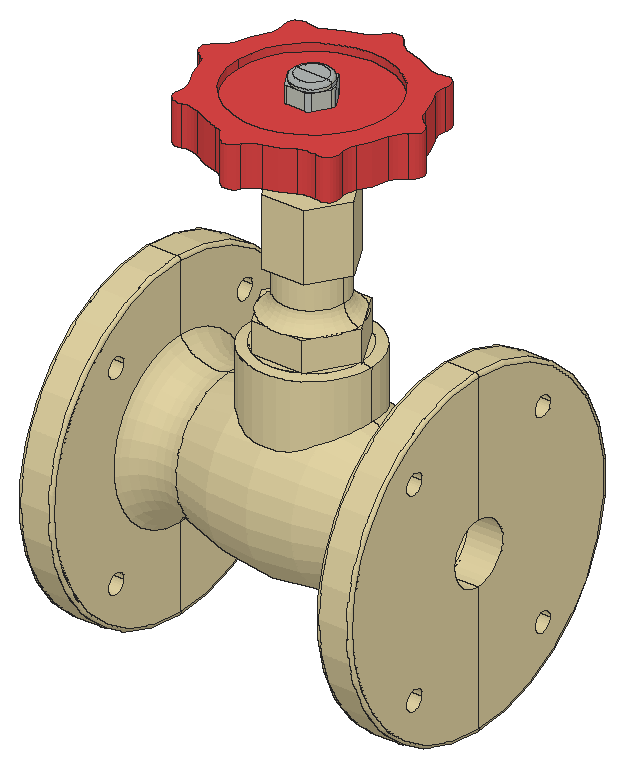
Revit family "DA05310000", category Apparecchi idraulici, Revit 2020
Family settings
  Quota connettore circolare = Usa diametro
  Tipo di parte = Normale
  Numero OmniClass = 23.45.00.00
  Titolo OmniClass = Sanitary, Laundry, and Cleaning Equipment
  Basato su piano di lavoro = No
  Sempre verticale = Sì
  Taglio con vuoti quando caricato = No
  Condiviso = No
  Punto di calcolo locali = No
Parameters
  URL = "https://web.cimberio.com/index.php/figura/29?subcategoria_id="
  Temperatura di esercizio = "-10 ÷ 170°C"
  Prospetto di default = 0 mm
  Produttore = "CIMBERIO SPA"
  Pressione nominale = "PN 16"
  Modello = "Cim *82PN6"
  Materiale = "Prodotto in lega di bronzo conforme alla norma EN 1982-CC491K"
  Descrizione = "Utilizzato nei più svariati settori dell’impiantistica ed in ogni applicazione industriale ed agricola dove è richiesta una regolazione: impianti di riscaldamento, idrici, igienico sanitari, aria compressa, reti di distribuzione vapore saturo, olii, benzine, petrolio ed altri idrocarburi e in generale con ogni fluido non corrosivo"
  DN Model [instance] = DA05313110 : DA05313110
  DN [instance] = 16 mm
  Commenti sul tipo = "Realizzato in ottemperanza ai requisiti gestionali della norma EN ISO 9001.\r\nCollaudato al 100% secondo la normativa EN 12266-1"
Reference planes
  plane 1 "Centro (Fronte/Retro)": y = 0
  plane 2: z = 0
  plane 3 "Centro (Sinistra/Destra)": x = 0
Dimensions and locks
  aligned and locked: level to plane 2
Nested families
  nested 1: "DA05313110" at (0, 0, 0), type <- "DN Model", type "DA05313110"
  nested 2: "DA05313110" at (0, 0, 0), type <- "DN Model", type "DA05313110"
  nested 3: "DA05313110" at (0, 0, 0), type <- "DN Model", type "DA05313110"
  nested 4: "DA05313110" at (0, 0, 0), type <- "DN Model", type "DA05313110"
  nested 5: "DA05313110" at (0, 0, 0), type <- "DN Model", type "DA05313110"
  nested 6: "DA05313110" at (0, 0, 0), type <- "DN Model", type "DA05313110"
  nested 7: "DA05313110" at (0, 0, 0), type <- "DN Model", type "DA05313110"
  nested 8: "DA05313110" at (0, 0, 0), type <- "DN Model", type "DA05313110"
  nested 9: "DA05313110" at (0, 0, 0), type <- "DN Model", type "DA05313110"
Connectors
  piping at (41.407, 0, 0), diameter 16, driven by "DN"
    settings: on nested 1, index 1, connector inside diameter 609.6 mm, connector length 0 mm, flow factor 0, pipe flow 0.0 L/s, pressure drop 0.0 Pa, fitting loss kfactor 0, connector angle 0.00°, fixture units 0, engagement length 0 mm, angle of deflection 0.00°, flow configuration 0, flow direction 0, fitting loss method 0, system type 7, joint type 0, gender type 0, connector reference index -1, connector utility 0, adjustable connector no, is connector primary yes, connector description ""
  piping at (-41.232, 0, 0), diameter 16, driven by "DN"
    settings: on nested 1, index 2, connector inside diameter 609.6 mm, connector length 0 mm, flow factor 0, pipe flow 0.0 L/s, pressure drop 0.0 Pa, fitting loss kfactor 0, connector angle 0.00°, fixture units 0, engagement length 0 mm, angle of deflection 0.00°, flow configuration 0, flow direction 0, fitting loss method 0, system type 7, joint type 0, gender type 0, connector reference index -1, connector utility 0, adjustable connector no, is connector primary no, connector description ""
Definition of nested family "DA05313110"
  Parameters (values of type "DA04173110")
    Default Elevation = 0 mm
  Reference planes
    plane 1 "Centro (Fronte/Retro)": y = 0
    plane 2: z = 0
    plane 3 "Centro (Sinistra/Destra)": x = 0
  Forms (mm)
    Revolve 1, solid
      sketch origin (0, 0, 0) x (1, 0, 0) y (0, 0, 1)
        loop
          line (33.343, -7.5) -> (-32.983, -7.5) -> (-32.983, -19.288)
          arc (-32.983, -19.288) -> (-27.734, -14.585) -> (-20.687, -14.614) r 9.811
          arc (-20.687, -14.614) -> (0, -18.5) -> (20.687, -14.614) r 57
          arc (20.687, -14.614) -> (28.136, -14.748) -> (33.343, -20.077) r 9.811
          line (33.343, -20.077) -> (33.343, -7.5)
        axis (-32.983, 2) -> (33.343, 2)
      angle from 0 to 360
    Revolve 2, solid
      sketch origin (0, 0, 0) x (1, 0, 0) y (0, 0, 1)
        loop
          line (-15, 4.172) -> (0, 4.172) -> (0, 32.573) -> (-12.5, 32.573) -> (-15, 32.132) -> (-15, 4.172)
        axis (0, 32.573) -> (0, 4.172)
      angle from 0 to 360
    Extrusion 3, solid
      sketch origin (0, 0, 0) x (0, -1, 0) y (1, 0, 0)
        loop
          line (0, 12.5) -> (-10.825, 6.25) -> (-10.825, -6.25) -> (0, -12.5) -> (10.825, -6.25) -> (10.825, 6.25) -> (0, 12.5)
      from 32.132 to 39.804
    Revolve 4, solid
      sketch origin (0, 0, 3.5) x (1, 0, 0) y (0, 0, 1)
        loop
          line (0, 47.5) -> (-7.95, 47.5) -> (-8.019, 40.572)
          arc (-8.019, 40.572) -> (-9.032, 37.961) -> (-11.29, 36.304) r 5
          line (-11.29, 36.304) -> (0, 36.304) -> (0, 47.5)
        axis (0, 47.5) -> (0, 36.304)
      angle from 0 to 360
    Extrusion 5, solid
      sketch origin (0, 0, 0) x (0, -1, 0) y (1, 0, 0)
        loop
          line (0, -10.4) -> (9.007, -5.2) -> (9.007, 5.2) -> (0, 10.4) -> (-9.007, 5.2) -> (-9.007, -5.2) -> (0, -10.4)
      from 51 to 67.5
    Revolve 6, solid
      sketch origin (0, 0, 12.019) x (1, 0, 0) y (0, 0, 1)
        loop
          line (-8.5, 67) -> (-8.5, 65.001)
          arc (-8.5, 65.001) -> (-8.353, 64.647) -> (-7.999, 64.5) r 0.501
          line (-7.999, 64.5) -> (-4, 64.5) -> (-4, 52.626) -> (0, 52.626) -> (0, 67) -> (-8.5, 67)
        axis (0, 67) -> (0, 52.626)
      angle from 0 to 360
    Extrusion 7, solid
      sketch origin (0, 0, 9.019) x (0.98263, 0.185575, 0) y (-0.185575, 0.98263, 0)
        loop
          spline (-12.624, 22.54) -> (-13.213, 22.77) -> (-13.791, 22.909) -> (-14.346, 22.954) -> (-14.868, 22.904) -> (-15.347, 22.761) -> (-15.773, 22.527) -> (-16.139, 22.206) -> (-16.438, 21.805) -> (-16.663, 21.332) -> (-16.81, 20.794) -> (-16.877, 20.204) -> (-16.863, 19.572)
          arc (-16.863, 19.572) -> (-17.081, 17.552) -> (-18.08, 15.783) r 5.029
          arc (-18.08, 15.783) -> (-20.241, 12.895) -> (-21.945, 9.716) r 24
          arc (-21.945, 9.716) -> (-23.126, 8.063) -> (-24.865, 7.011) r 5.029
          spline (-24.865, 7.011) -> (-25.444, 6.757) -> (-25.951, 6.447) -> (-26.375, 6.086) -> (-26.709, 5.682) -> (-26.946, 5.242) -> (-27.082, 4.775) -> (-27.114, 4.29) -> (-27.042, 3.795) -> (-26.866, 3.301) -> (-26.591, 2.817) -> (-26.221, 2.352) -> (-25.763, 1.916)
          arc (-25.763, 1.916) -> (-24.489, 0.333) -> (-23.945, -1.624) r 5.029
          arc (-23.945, -1.624) -> (-23.431, -5.195) -> (-22.388, -8.648) r 24
          arc (-22.388, -8.648) -> (-22.054, -10.652) -> (-22.54, -12.624) r 5.029
          spline (-22.54, -12.624) -> (-22.77, -13.213) -> (-22.909, -13.791) -> (-22.954, -14.346) -> (-22.904, -14.868) -> (-22.761, -15.347) -> (-22.527, -15.773) -> (-22.206, -16.139) -> (-21.805, -16.438) -> (-21.332, -16.663) -> (-20.794, -16.81) -> (-20.204, -16.877) -> (-19.572, -16.863)
          arc (-19.572, -16.863) -> (-17.552, -17.081) -> (-15.783, -18.08) r 5.029
          arc (-15.783, -18.08) -> (-12.895, -20.241) -> (-9.716, -21.945) r 24
          arc (-9.716, -21.945) -> (-8.081, -23.106) -> (-7.03, -24.813) r 5.029
          spline (-7.03, -24.813) -> (-6.779, -25.402) -> (-6.471, -25.918) -> (-6.111, -26.351) -> (-5.706, -26.693) -> (-5.265, -26.937) -> (-4.795, -27.079) -> (-4.307, -27.115) -> (-3.809, -27.045) -> (-3.312, -26.871) -> (-2.824, -26.595) -> (-2.356, -26.223) -> (-1.916, -25.763)
          arc (-1.916, -25.763) -> (-0.333, -24.489) -> (1.624, -23.945) r 5.029
          arc (1.624, -23.945) -> (5.195, -23.431) -> (8.648, -22.388) r 24
          arc (8.648, -22.388) -> (10.624, -22.053) -> (12.575, -22.516) r 5.029
          spline (12.575, -22.516) -> (13.172, -22.757) -> (13.759, -22.903) -> (14.323, -22.954) -> (14.854, -22.907) -> (15.341, -22.764) -> (15.773, -22.527) -> (16.144, -22.201) -> (16.445, -21.793) -> (16.671, -21.31) -> (16.816, -20.763) -> (16.879, -20.161) -> (16.858, -19.518)
          arc (16.858, -19.518) -> (17.089, -17.526) -> (18.08, -15.783) r 5.029
          arc (18.08, -15.783) -> (20.241, -12.895) -> (21.945, -9.716) r 24
          arc (21.945, -9.716) -> (23.106, -8.081) -> (24.813, -7.03) r 5.029
          spline (24.813, -7.03) -> (25.406, -6.777) -> (25.924, -6.466) -> (26.359, -6.103) -> (26.701, -5.694) -> (26.944, -5.249) -> (27.082, -4.775) -> (27.114, -4.283) -> (27.038, -3.781) -> (26.856, -3.281) -> (26.572, -2.791) -> (26.191, -2.321) -> (25.721, -1.881)
          arc (25.721, -1.881) -> (24.477, -0.309) -> (23.945, 1.624) r 5.029
          arc (23.945, 1.624) -> (23.431, 5.195) -> (22.388, 8.648) r 24
          arc (22.388, 8.648) -> (22.053, 10.624) -> (22.516, 12.575) r 5.029
          spline (22.516, 12.575) -> (22.757, 13.172) -> (22.903, 13.759) -> (22.954, 14.323) -> (22.907, 14.854) -> (22.764, 15.341) -> (22.527, 15.773) -> (22.201, 16.144) -> (21.793, 16.445) -> (21.31, 16.671) -> (20.763, 16.816) -> (20.161, 16.879) -> (19.518, 16.858)
          arc (19.518, 16.858) -> (17.526, 17.089) -> (15.783, 18.08) r 5.029
          arc (15.783, 18.08) -> (12.895, 20.241) -> (9.716, 21.945) r 24
          arc (9.716, 21.945) -> (8.063, 23.126) -> (7.011, 24.865) r 5.029
          spline (7.011, 24.865) -> (6.755, 25.448) -> (6.442, 25.957) -> (6.078, 26.383) -> (5.67, 26.717) -> (5.227, 26.953) -> (4.755, 27.086) -> (4.266, 27.113) -> (3.768, 27.035) -> (3.271, 26.852) -> (2.784, 26.568) -> (2.318, 26.188) -> (1.881, 25.721)
          arc (1.881, 25.721) -> (0.309, 24.477) -> (-1.624, 23.945) r 5.029
          arc (-1.624, 23.945) -> (-5.195, 23.431) -> (-8.648, 22.388) r 24
          arc (-8.648, 22.388) -> (-10.652, 22.054) -> (-12.624, 22.54) r 5.029
      from 70 to 79.915
    Extrusion 8, void
      sketch origin (0, 0, 9.019) x (1, 0, 0) y (0, 1, 0)
        loop
          circle (0, 0) r 18.5
      from 78 to 80.921
    Extrusion 9, solid
      sketch origin (0.001, 0, 9.019) x (0.934965, 0.354741, 0) y (-0.354741, 0.934965, 0)
        loop
          line (-1.377, 5.329) -> (-4.94, 2.419)
          arc (-4.94, 2.419) -> (-5.249, 1.991) -> (-5.302, 1.465) r 1.021
          line (-5.302, 1.465) -> (-4.565, -3.074)
          arc (-4.565, -3.074) -> (-4.349, -3.551) -> (-3.924, -3.858) r 1.012
          line (-3.924, -3.858) -> (0.37, -5.486)
          arc (0.37, -5.486) -> (0.9, -5.54) -> (1.387, -5.321) r 1.03
          line (1.387, -5.321) -> (4.931, -2.427)
          arc (4.931, -2.427) -> (5.246, -1.989) -> (5.3, -1.452) r 1.042
          line (5.3, -1.452) -> (4.567, 3.058)
          arc (4.567, 3.058) -> (4.346, 3.549) -> (3.909, 3.863) r 1.04
          line (3.909, 3.863) -> (-0.382, 5.491)
          arc (-0.382, 5.491) -> (-0.901, 5.543) -> (-1.377, 5.329) r 1.007
      from 78 to 82
    Revolve 10, solid
      sketch origin (0, 0, 8.525) x (1, 0, 0) y (0, 0, 1)
        loop
          line (0, 83.994) -> (0, 81.954) -> (4.75, 81.954) -> (4.75, 82.994)
          arc (4.75, 82.994) -> (4.457, 83.701) -> (3.75, 83.994) r 1
          line (3.75, 83.994) -> (0, 83.994)
        axis (0, 83.994) -> (0, 81.954)
      angle from 0 to 360
    Revolve 11, solid
      sketch origin (-6.732, 0, 0) x (1, 0, 0) y (0, 0, 1)
        loop
          line (-34.5, 39.192) -> (-34.5, 7.5) -> (-26, 7.5) -> (-26, 39.165)
          arc (-26, 39.165) -> (-26.244, 39.756) -> (-26.835, 40) r 0.835
          line (-26.835, 40) -> (-33.692, 40)
          arc (-33.692, 40) -> (-34.263, 39.763) -> (-34.5, 39.192) r 0.808
        axis (-34.5, 0) -> (-26, 0)
      angle from 0 to 360
    Revolve 12, solid
      sketch origin (6.907, 0, 0) x (-1, 0, 0) y (0, 0, 1)
        loop
          line (-34.5, 39.192) -> (-34.5, 7.5) -> (-26, 7.5) -> (-26, 39.165)
          arc (-26, 39.165) -> (-26.244, 39.756) -> (-26.835, 40) r 0.835
          line (-26.835, 40) -> (-33.692, 40)
          arc (-33.692, 40) -> (-34.263, 39.763) -> (-34.5, 39.192) r 0.808
        axis (-34.5, 0) -> (-26, 0)
      angle from 0 to 360
    Extrusion 13, void
      sketch origin (0, 0, 0) x (0, 1, 0) y (0, 0, 1)
        loop
          circle (20, 24.077) r 2.498
        loop
          circle (-20, 24.077) r 2.498
        loop
          circle (20, -24.077) r 2.498
        loop
          circle (-20, -24.077) r 2.498
      from -63.387 to 69.734
  Cuts and joins
    Extrusion 8 cuts Extrusion 7
    Extrusion 13 cuts Revolve 11
    Extrusion 13 cuts Revolve 12
  Dimensions and locks
    aligned and locked: level to plane 2
